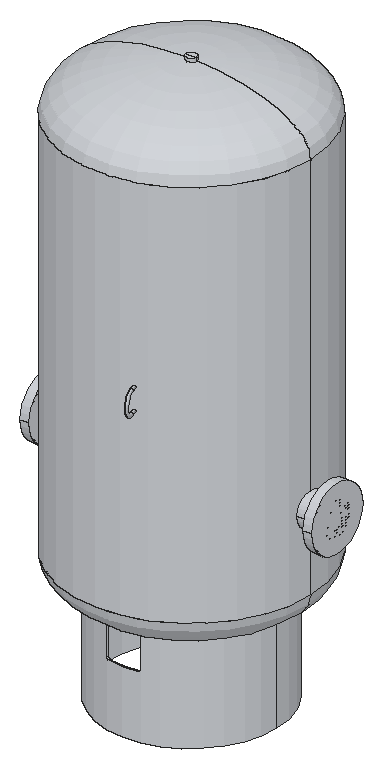
Revit family "CWBT500-6-125", category Mechanical Equipment, Revit 2014
Parameters (values of type "CWBT500-6-125")
  Tank Weight = "1366 lbs"
  Tank Volume = "500 Gal"
  Tank Height = "99 15/32\""
  Tank Diameter = "42\""
  Note = "All dimensions and weights are approximate"
  Maximum Acceptance Volume = "N/A"
  Max Operating Temp = "450° F"
  Max Operating Pressure = "125 psi"
  Connector Size = "6\""
Reference planes (in)
  plane 1 "Center (Front/Back)": y = 0
  plane 2: z = 0
  plane 3 "Center (Left/Right)": x = 0
Forms (in)
  Extrusion 1, solid
    sketch origin (0, 0, 0) x (0, 1, 0) y (0, 0, 1)
      loop
        circle (0, 36.5) r 2.928
    from 0 to 25.5
  Extrusion 2, solid
    sketch origin (0, 0, 0) x (0, 1, 0) y (0, 0, 1)
      loop
        circle (0, 36.5) r 2.928
    from 0 to -25.5
  Extrusion 3, solid
    sketch origin (0, 0, 0) x (0, 1, 0) y (0, 0, 1)
      loop
        circle (0, 36.5) r 5.5
    from -23.9375 to -25.5
  Extrusion 4, solid
    sketch origin (0, 0, 0) x (0, 1, 0) y (0, 0, 1)
      loop
        circle (0, 36.5) r 5.5
    from 23.9375 to 25.5
  Extrusion 5, solid
    sketch origin (0, 0, 0) x (1, 0, 0) y (0, 1, 0)
      loop
        circle (0, 0) r 15
      loop
        circle (0, 0) r 14.8125
    from 0 to 17
  Extrusion 6, void
    sketch origin (0, 0, 0) x (1, 0, 0) y (0, 0, 1)
      loop
        arc (-3.4137, 17) -> (-3.12117, 16.87883) -> (-3, 16.5863) r 0.4137
        line (-3, 16.5863) -> (-3, 11.4137)
        arc (-3, 11.4137) -> (-2.87883, 11.12117) -> (-2.5863, 11) r 0.4137
        line (-2.5863, 11) -> (2.5863, 11)
        arc (2.5863, 11) -> (2.87883, 11.12117) -> (3, 11.4137) r 0.4137
        line (3, 11.4137) -> (3, 16.5863)
        arc (3, 16.5863) -> (3.12117, 16.87883) -> (3.4137, 17) r 0.4137
        line (3.4137, 17) -> (-3.4137, 17)
    from 0 to 25
  Revolve 7, solid
    sketch origin (0, 0, 0) x (1, 0, 0) y (0, 0, 1)
      loop
        line (0, 99.99935) -> (0, 14.02873) -> (0.875, 14.02873) -> (0.875, 14.53598)
        spline (0.875, 14.53598) -> (3.52614, 14.64849) -> (6.12012, 14.89509) -> (8.61487, 15.27179) -> (10.96995, 15.77247) -> (13.14717, 16.38901) -> (15.11124, 17.11143) -> (16.83031, 17.928) -> (18.27652, 18.8255) -> (19.42641, 19.78936) -> (20.26134, 20.80396) -> (20.76777, 21.85286) -> (20.9375, 22.91904)
        line (20.9375, 22.91904) -> (20.9375, 91.10904)
        spline (20.9375, 91.10904) -> (20.76785, 92.17497) -> (20.26165, 93.22362) -> (19.42711, 94.23801) -> (18.27775, 95.2017) -> (16.83219, 96.09906) -> (15.11385, 96.91555) -> (13.1506, 97.63795) -> (10.97424, 98.25455) -> (8.62003, 98.75535) -> (6.12614, 99.13224) -> (3.53297, 99.37912) -> (0.88255, 99.49197)
        line (0.88255, 99.49197) -> (0.88255, 99.99935) -> (0, 99.99935)
      axis (0, 99.99935) -> (0, 14.02873)
    angle from 0 to 360
  Sweep 8, solid
    path origin (0.54241, -3.05533, 10.61318) x (0.305343, -0.952243, 0) y (0, 0, 1)
      loop
        line (17.83546, 48.42089) -> (18.83546, 48.42089)
        arc (18.83546, 48.42089) -> (20.71046, 46.54589) -> (18.83546, 44.67089) r 1.875
        line (18.83546, 44.67089) -> (17.83546, 44.67089)
    profile origin (6.14101, -20.51514, 59.03407) x (0, 0, 1) y (-0.952243, -0.305343, 0)
      loop
        circle (0, 0) r 0.25
Cuts and joins
  Extrusion 6 cuts Extrusion 5
Dimensions and locks (in)
  aligned and locked: level to plane 2
